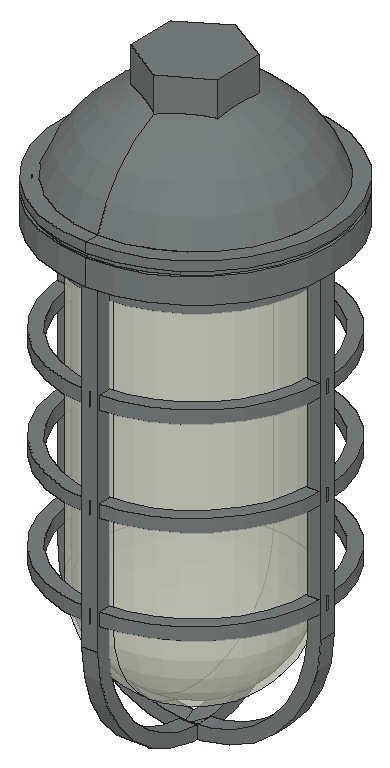
Revit family "P1.CG", category Lighting Fixtures, Revit 2024
Family settings
  Round Connector Dimension = Use Diameter
  Part Type = Normal
  OmniClass Number = 23.80.70.00
  OmniClass Title = Lighting
  Work Plane-Based = No
  Always vertical = Yes
  Cut with Voids When Loaded = No
  Light Source = No
  Maintain Annotation Orientation = No
  Shared = No
  Room Calculation Point = No
Parameters
  Default Elevation = 0' - 0"
Reference planes (in)
  plane 1 "Light Source Axis (F/B)": y = 0
  plane 2: z = 0
  plane 3 "Light Source Axis (L/R)": x = 0
  plane 4 "Light Source Elevation": z = 54
Forms (in)
  Extrusion 1, solid, material "74"
    sketch origin (9.35, 6.84003, 54) x (-1, 0, 0) y (0, -1, 0)
      loop
        line (9.36163, 6.05272) -> (10.04346, 6.44638) -> (10.04346, 7.23369) -> (9.36163, 7.62734) -> (8.6798, 7.23369) -> (8.6798, 6.44638) -> (9.36163, 6.05272)
    from 8.87938 to 9.53136
  Extrusion 2, solid, material "74"
    sketch origin (1.35, 6.84003, -23.42225) x (0, 1, 0) y (0, 0, 1)
      loop
        line (-4.78958, 84.58935) -> (-4.99147, 84.58935) -> (-4.99147, 79.4727)
        arc (-4.99147, 79.4727) -> (-5.57549, 78.12432) -> (-6.95853, 77.62794) r 1.84856
        arc (-6.95853, 77.62794) -> (-8.1884, 78.20816) -> (-8.68859, 79.4727) r 1.84856
        line (-8.68859, 79.4727) -> (-8.68859, 84.58935) -> (-8.89048, 84.58935) -> (-8.89048, 79.4727)
        arc (-8.89048, 79.4727) -> (-6.84003, 77.42225) -> (-4.78958, 79.4727) r 2.05045
        line (-4.78958, 79.4727) -> (-4.78958, 84.58935)
    from -1.47618 to -1.22382
  Revolve 3, solid, material "74"
    sketch origin (0.00202, 6.84003, -23.42225) x (0, 1, 0) y (0, 0, 1)
      loop
        line (-6.84003, 86.56466) -> (-6.84003, 86.4709)
        arc (-6.84003, 86.4709) -> (-5.692, 86.10354) -> (-4.99589, 85.1195) r 1.90036
        line (-4.99589, 85.1195) -> (-4.83639, 85.1195) -> (-4.83639, 84.89938) -> (-4.79169, 84.89938) -> (-4.79169, 84.6831) -> (-5.08522, 84.6831) -> (-5.08522, 84.30461) -> (-4.99147, 84.30461) -> (-4.99147, 84.58935) -> (-4.69794, 84.58935) -> (-4.69794, 84.99313) -> (-4.74264, 84.99313) -> (-4.74264, 85.06325) -> (-4.69794, 85.06325) -> (-4.69794, 85.21325) -> (-4.92753, 85.21325)
        arc (-4.92753, 85.21325) -> (-5.66451, 86.19926) -> (-6.84003, 86.56466) r 1.99411
      loop
        line (-4.99147, 82.87328) -> (-4.78958, 82.87328) -> (-4.78958, 83.07517) -> (-4.99147, 83.07517) -> (-4.99147, 82.87328)
      loop
        line (-4.99147, 81.35911) -> (-4.78958, 81.35911) -> (-4.78958, 81.561) -> (-4.99147, 81.561) -> (-4.99147, 81.35911)
      loop
        line (-4.99147, 79.84493) -> (-4.78958, 79.84493) -> (-4.78958, 80.04682) -> (-4.99147, 80.04682) -> (-4.99147, 79.84493)
      loop
        line (-5.24003, 84.58935) -> (-5.33378, 84.58935) -> (-5.33378, 79.6014)
        arc (-5.33378, 79.6014) -> (-5.77495, 78.53632) -> (-6.84003, 78.09515) r 1.50625
        line (-6.84003, 78.09515) -> (-6.84003, 78.0014)
        arc (-6.84003, 78.0014) -> (-5.70866, 78.47003) -> (-5.24003, 79.6014) r 1.6
        line (-5.24003, 79.6014) -> (-5.24003, 84.58935)
      axis (-6.84003, 86.56466) -> (-6.84003, 78.0014)
    angle from 0 to 360
  Extrusion 4, solid, material "74"
    sketch origin (9.35, 5.40871, -23.42225) x (1, 0, 0) y (0, 0, 1)
      loop
        line (-11.40045, 84.58935) -> (-11.40045, 79.4727)
        arc (-11.40045, 79.4727) -> (-9.35, 77.42225) -> (-7.29955, 79.4727) r 2.05045
        line (-7.29955, 79.4727) -> (-7.29955, 84.58935) -> (-7.50144, 84.58935) -> (-7.50144, 79.4727)
        arc (-7.50144, 79.4727) -> (-8.05489, 78.15366) -> (-9.38383, 77.62445) r 1.84856
        arc (-9.38383, 77.62445) -> (-10.66903, 78.17758) -> (-11.19856, 79.4727) r 1.84856
        line (-11.19856, 79.4727) -> (-11.19856, 84.58935) -> (-11.40045, 84.58935)
    from 5.28252 to 5.53489
Dimensions and locks (in)
  aligned and locked: level to plane 2
